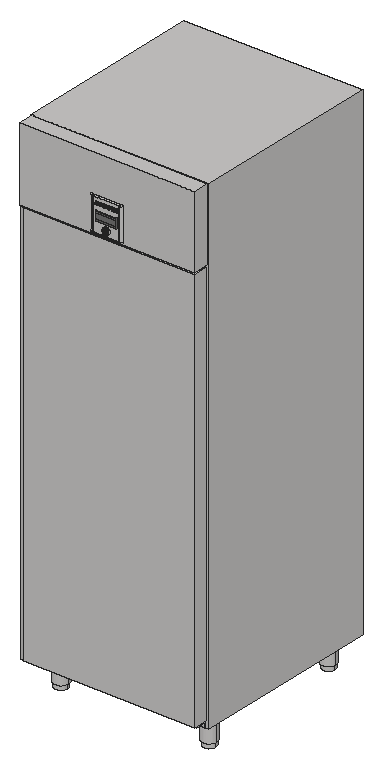
Revit family "QF_ALPENINOX_729639_ARX71FFR", category Specialty Equipment, Revit 2018
Family settings
  Round Connector Dimension = Use Diameter
  Part Type = Normal
  Work Plane-Based = No
  Always vertical = Yes
  Cut with Voids When Loaded = No
  Shared = No
  Room Calculation Point = No
Parameters (values of type "Standard")
  Weight = 102.00 kg
  Watts = 15.7935 W
  Volts = 220 V
  URL Manufacturer = "http://www.alpeninox.com"
  URL = "http://www.alpeninox.com"
  Steam Supply Size = 0 mm
  Steam Supply Minimum Pressure = 0.0 Pa
  Steam Supply Maximum Pressure = 0.0 Pa
  Steam Pounds per Hour = 0
  Refrigeration Suction Line Size = 0.031 mm
  Refrigeration Liquid Line Size = 0.02 mm
  Refrigerant Compressor Remote = yes
  Manufacturer = "Alpeninox"
  Phase = 1
  Model = "ARX71FFR"
  Length Actual = 710 mm  # constant formula
  Item Number = "729639"
  Hot Water Size = 0 mm
  Height Actual = 2050 mm  # constant formula
  HP = "0.2 HP"
  Gas Size = 0 mm
  Gas KW = 0
  Gas Input Pressure = 0 W
  Description = "1-DOOR FREEZER 670L -22-15°C, DIGITAL, A304 - REMOTE"
  Depth Actual = 835 mm  # constant formula
  Cycle = 50 Hz
  Condensate Return Size = 0 mm
  Compressed Air Volume = 0.0 L/s
  Compressed Air Size = 0 mm
  Compressed Air Pressure = 0.0 Pa
  Cold Water Size = 0 mm
  Accessory = yes
Reference planes
  plane 1 "Center (Front/Back)": y = 0
  plane 2: z = 0
  plane 3 "Center (Left/Right)": x = 0
  plane 4 "BASE": z = 110
  plane 5 "TOP": z = 2050
  plane 6 "FRONT": y = -417.5
  plane 7 "BACK": y = 417.5
  plane 8 "LEFT": x = -355
  plane 9 "RIGHT": x = 355
Forms (mm)
  Extrusion 1, solid, material "QF_Finishes_Stainless Steel"
    sketch origin (0, 0, 0) x (1, 0, 0) y (0, 1, 0)
      loop
        circle (-278, 344.5) r 25
      loop
        circle (278, 344.5) r 25
      loop
        circle (-295, -269.5) r 25
      loop
        circle (295, -269.5) r 25
    from 0 to 20
  Extrusion 2, solid, material "QF_Finishes_Stainless Steel"
    sketch origin (0, 0, 0) x (1, 0, 0) y (0, 1, 0)
      loop
        circle (-278, 344.5) r 30
      loop
        circle (278, 344.5) r 30
      loop
        circle (295, -269.5) r 30
      loop
        circle (-295, -269.5) r 30
    from 20 to 110
  Extrusion 3, solid, material "QF_Finishes_Stainless Steel"
    sketch origin (0, 0, 110) x (-1, 0, 0) y (0, -1, 0)
      loop
        line (355, -417.5) -> (355, 345.5) -> (-355, 345.5) -> (-355, -417.5) -> (355, -417.5)
    from 0 to 1940
  Extrusion 4, solid
    sketch origin (0, 417.5, 1660) x (-1, 0, 0) y (0, 0, 1)
      loop
        circle (339, 124) r 10
    from 0 to 3.2
  Extrusion 5, solid, material "QF_Door-Drawer Clearances", detail levels coarse
    sketch origin (0, 0, 110) x (-1, 0, 0) y (0, -1, 0)
      loop
        line (-347, 409.5) -> (-283, 409.5) -> (-283, 1006.5) -> (-301, 1006.5) -> (-301, 1024.5) -> (-323, 1024.5) -> (-323, 1062.5) -> (-347, 1062.5) -> (-347, 409.5)
    from 1642.965 to 28
  Extrusion 6, solid, material "QF_Door-Drawer Clearances", detail levels coarse
    sketch origin (0, 0, 110) x (-1, 0, 0) y (0, -1, 0)
      loop
        line (-283, 409.5) -> (347, 409.5)
        arc (347, 409.5) -> (150.684, 878.295) -> (-323, 1062.5) r 650
        line (-323, 1062.5) -> (-323, 1024.5) -> (-301, 1024.5) -> (-301, 1006.5) -> (-283, 1006.5) -> (-283, 409.5)
    from 1642.965 to 28
  Extrusion 7, solid, material "QF_Clearances", detail levels coarse
    sketch origin (0, 0, 110) x (-1, 0, 0) y (0, -1, 0)
      loop
        line (355, 417.5) -> (355, -417.5) -> (-355, -417.5) -> (-355, 417.5) -> (-385, 417.5) -> (-385, -447.5) -> (385, -447.5) -> (385, 417.5) -> (355, 417.5)
    from -110 to 1940
  Extrusion 8, solid, material "QF_Clearances", detail levels coarse
    sketch origin (0, 0, 2050) x (-1, 0, 0) y (0, -1, 0)
      loop
        line (385, -447.5) -> (385, 417.5) -> (-385, 417.5) -> (-385, -447.5) -> (385, -447.5)
    from 0 to 500
  Extrusion 9, void
    sketch origin (0, 417.5, 0) x (-1, 0, 0) y (0, 0, 1)
      loop
        line (289.366, 1724.965) -> (-280, 1724.965) -> (-280, 180) -> (0, 170) -> (289.366, 180) -> (289.366, 1724.965)
    from -56 to -763
  Extrusion 10, solid, material "QF_Finishes_Stainless Steel"
    sketch origin (0, 0, 2050) x (-1, 0, 0) y (0, -1, 0)
      loop
        circle (245, 89.5) r 4.75
    from -33.544 to -89.131
  Extrusion 11, solid, material "QF_Finishes_Stainless Steel"
    sketch origin (539, -376, 0) x (0, -1, 0) y (0, 0, 1)
      loop
        circle (-187.5, 1960.869) r 3
    from 745 to 686.028
Cuts and joins
  joined: Extrusion 7, Extrusion 8
  Extrusion 9 cuts Extrusion 3
Lines and regions (mm)
  symbolic lines, style "SpecialityEquipmentHiddenLines"
    curve 1: line (347, -409.5, 110) -> (347, -1062.5, 110)
    curve 2: line (347, -1062.5, 110) -> (323, -1062.5, 110)
    curve 3: line (283, -409.5, 110) -> (283, -1006.5, 110)
    curve 4: line (323, -1062.5, 110) -> (323, -1024.5, 110)
    curve 5: line (323, -1024.5, 110) -> (301, -1024.5, 110)
    curve 6: line (301, -1024.5, 110) -> (301, -1006.5, 110)
    curve 7: line (301, -1006.5, 110) -> (283, -1006.5, 110)
    curve 8: arc (-347, -409.5, 110) -> (-150.684, -878.295, 110) -> (323, -1062.5, 110) r 650
  symbolic lines, style "QF_Clearances", detail levels coarse
    curve 9: line (-206, -417.5, 2050) -> (-385, -417.5, 2050)
    curve 10: line (-385, -417.5, 2050) -> (-385, 447.5, 2050)
    curve 11: line (-385, 447.5, 2050) -> (385, 447.5, 2050)
    curve 12: line (385, 447.5, 2050) -> (385, -417.5, 2050)
    curve 13: line (385, -417.5, 2050) -> (355, -417.5, 2050)
Dimensions and locks
  equal spacing: plane 7 "BACK", plane 1 "Center (Front/Back)", plane 6 "FRONT"
  equal spacing: plane 8 "LEFT", plane 3 "Center (Left/Right)", plane 9 "RIGHT"
  plane 8 "LEFT" to plane 9 "RIGHT" = 710 mm
  plane 7 "BACK" to plane 6 "FRONT" = 835 mm
  plane 5 "TOP" to plane 2 = 2050 mm
  aligned and locked: level to plane 2
Automatic sketch dimensions
  Extrusion 3 sketch curve to plane 7 "BACK" = 0 mm
  Extrusion 3 sketch curve to plane 9 "RIGHT" = 0 mm
  Extrusion 3 sketch curve to plane 8 "LEFT" = 0 mm
  plane 8 "LEFT" to Extrusion 4 sketch curve = 16 mm
  plane 4 "BASE" to Extrusion 4 sketch curve = 1674 mm
  plane 9 "RIGHT" to curve 1 = 8 mm
  curve 1 to curve 2 = 24 mm
  plane 6 "FRONT" to curve 8 = 4.692 mm
  curve 7 to plane 6 "FRONT" = 589 mm
  curve 6 to curve 5 = 18 mm
  curve 4 to curve 2 = 38 mm
  plane 6 "FRONT" to curve 8 = 8 mm
  plane 6 "FRONT" to curve 1 = 8 mm
  plane 6 "FRONT" to curve 3 = 8 mm
  plane 9 "RIGHT" to Extrusion 5 sketch curve = 8 mm
  Extrusion 5 sketch curve to plane 6 "FRONT" = 589 mm
  Extrusion 5 sketch curve to Extrusion 5 sketch curve = 18 mm
  Extrusion 5 sketch curve to Extrusion 5 sketch curve = 38 mm
  plane 6 "FRONT" to Extrusion 5 sketch curve = 8 mm
  plane 6 "FRONT" to Extrusion 6 sketch curve = 4.692 mm
  Extrusion 6 sketch curve to Extrusion 6 sketch curve = 18 mm  (x2)
  Extrusion 6 sketch curve to Extrusion 6 sketch curve = 38 mm
  plane 8 "LEFT" to Extrusion 6 sketch curve = 8 mm
  plane 6 "FRONT" to Extrusion 6 sketch curve = 8 mm
  Extrusion 7 sketch curve to plane 6 "FRONT" = 0 mm  (x2)
  Extrusion 7 sketch curve to plane 7 "BACK" = 0 mm
  Extrusion 7 sketch curve to plane 9 "RIGHT" = 0 mm
  Extrusion 7 sketch curve to plane 8 "LEFT" = 0 mm
  Extrusion 7 sketch curve to plane 9 "RIGHT" = 30 mm
  Extrusion 7 sketch curve to plane 8 "LEFT" = 30 mm
  plane 7 "BACK" to Extrusion 7 sketch curve = 30 mm
  Extrusion 8 sketch curve to plane 6 "FRONT" = 0 mm
  Extrusion 8 sketch curve to plane 9 "RIGHT" = 30 mm
  Extrusion 8 sketch curve to plane 8 "LEFT" = 30 mm
  plane 7 "BACK" to Extrusion 8 sketch curve = 30 mm
  plane 8 "LEFT" to Extrusion 1 sketch curve = 60 mm
  plane 8 "LEFT" to Extrusion 1 sketch curve = 77 mm
  plane 9 "RIGHT" to Extrusion 1 sketch curve = 77 mm
  plane 9 "RIGHT" to Extrusion 1 sketch curve = 60 mm
  plane 6 "FRONT" to Extrusion 1 sketch curve = 148 mm  (x2)
  Extrusion 1 sketch curve to plane 7 "BACK" = 73 mm  (x2)
  plane 8 "LEFT" to Extrusion 2 sketch curve = 60 mm
  plane 8 "LEFT" to Extrusion 2 sketch curve = 77 mm
  plane 9 "RIGHT" to Extrusion 2 sketch curve = 77 mm
  plane 9 "RIGHT" to Extrusion 2 sketch curve = 60 mm
  plane 6 "FRONT" to Extrusion 2 sketch curve = 148 mm  (x2)
  Extrusion 2 sketch curve to plane 7 "BACK" = 73 mm  (x2)
  plane 6 "FRONT" to Extrusion 3 sketch curve = 72 mm
  curve 1 to curve 8 = 44.008 mm
  curve 4 to curve 5 = 22 mm
  curve 6 to curve 3 = 18 mm
  plane 9 "RIGHT" to Extrusion 5 sketch curve = 32 mm
  Extrusion 5 sketch curve to Extrusion 5 sketch curve = 22 mm
  Extrusion 5 sketch curve to Extrusion 5 sketch curve = 64 mm
  plane 9 "RIGHT" to Extrusion 6 sketch curve = 72 mm
  Extrusion 6 sketch curve to Extrusion 6 sketch curve = 19.992 mm
  Extrusion 6 sketch curve to Extrusion 6 sketch curve = 22 mm
  Extrusion 9 sketch curve to plane 3 "Center (Left/Right)" = 0 mm
  plane 8 "LEFT" to Extrusion 9 sketch curve = 65.634 mm
  plane 4 "BASE" to Extrusion 9 sketch curve = 60 mm
  Extrusion 9 sketch curve to plane 5 "TOP" = 325.035 mm
  plane 9 "RIGHT" to Extrusion 9 sketch curve = 75 mm
  plane 4 "BASE" to Extrusion 9 sketch curve = 70 mm  (x2)
  plane 8 "LEFT" to Extrusion 10 sketch curve = 110 mm
  plane 1 "Center (Front/Back)" to Extrusion 10 sketch curve = 89.5 mm
  Extrusion 11 sketch curve to plane 5 "TOP" = 89.131 mm
  plane 1 "Center (Front/Back)" to Extrusion 11 sketch curve = 188.5 mm
  curve 12 to plane 6 "FRONT" = 0 mm
  curve 13 to plane 9 "RIGHT" = 0 mm
  curve 9 to plane 6 "FRONT" = 0 mm
  plane 8 "LEFT" to curve 9 = 149 mm
  curve 12 to plane 9 "RIGHT" = 30 mm
  curve 9 to curve 10 = 179 mm
  plane 7 "BACK" to curve 10 = 30 mm
  radius of Extrusion 1 sketch curve = 25 mm  (x4)
  radius of Extrusion 2 sketch curve = 30 mm  (x4)
  radius of Extrusion 4 sketch curve = 10 mm
  radius of Extrusion 10 sketch curve = 4.75 mm
  radius of Extrusion 11 sketch curve = 3 mm
Nested families
  nested 1: "QF_729047_Door" at (0, -345.5, 968.365) x (1, 0, 0) z (0, -1, 0), type "QF_729047_Door"
    with Show Clearance yes
  nested 2: "Freezer" at (355, -417.5, 2050), type "Freezer"
Connectors
  electrical at (-339, 420.7, 1784), driven by "Volts"
    settings: on Extrusion 4, index 2, voltage 220 V, apparent load 0 VA, apparent load phase1 0 VA, apparent load phase2 0 VA, apparent load phase3 0 VA, power factor 1, load classification "Other", number of poles 1, system type 30, power factor state 1, is connector primary yes, connector utility no, sub classification motor no, connector description "Electrical Connection"
  piping at (-245, -89.5, 2016.456), diameter 9.5
    settings: on Extrusion 10, index 4, connector inside diameter 609.6 mm, connector length 0 mm, flow factor 0, pipe flow 0.0 L/s, pressure drop 0.0 Pa, fitting loss kfactor 0, connector angle 0.00°, fixture units 0, engagement length 0 mm, angle of deflection 0.00°, flow configuration 1, flow direction 2, fitting loss method 0, system type 8, joint type 0, gender type 0, connector reference index -1, connector utility 0, adjustable connector no, is connector primary yes, connector description "Refrigerant Outlet"
  piping at (-206, -188.5, 1960.869), diameter 6
    settings: on Extrusion 11, index 5, connector inside diameter 609.6 mm, connector length 0 mm, flow factor 0, pipe flow 0.0 L/s, pressure drop 0.0 Pa, fitting loss kfactor 0, connector angle 0.00°, fixture units 0, engagement length 0 mm, angle of deflection 0.00°, flow configuration 1, flow direction 1, fitting loss method 0, system type 7, joint type 0, gender type 0, connector reference index -1, connector utility 0, adjustable connector no, is connector primary no, connector description "Refrigerant Inlet"
Definition of nested family "QF_729047_Door"
  Parameters
    Show Clearance [instance] = yes
    Model = "729043"
    Default Elevation = 0 mm
  Reference planes
    plane 1 "Center (Front/Back)": y = 0
    plane 2: z = 0
    plane 3 "Center (Left/Right)": x = 0
  Forms (mm)
    Extrusion 1, solid
      sketch origin (0, -919.2, 0) x (1, 0, 0) y (0, 1, 0)
        loop
          line (-460, 2119.2) -> (-460, -162.846) -> (488.967, -162.846) -> (488.967, 2119.2) -> (-460, 2119.2)
      from 0 to -59.546
    Extrusion 2, solid
      sketch origin (0, 0, 0) x (1, 0, 0) y (0, 0, 1)
        loop
          line (-347, 64) -> (-347, 0) -> (347, 0) -> (347, 64) -> (-347, 64)
      from -1081.6 to -791.6
    Extrusion 3, solid
      sketch origin (0, 0, 0) x (1, 0, 0) y (0, 0, 1)
        loop
          line (-347, 60) -> (-347, 26) -> (-325, 26) -> (-325, 8) -> (-307, 8) -> (-307, 0) -> (339, 0) -> (339, 8) -> (347, 8) -> (347, 64) -> (-332, 64) -> (-347, 60)
      from -784.6 to 830.4
    Extrusion 4, solid
      sketch origin (119, -516.365, 0) x (0, 1, 0) y (0, 0, 1)
        loop
          line (-323.003, 40.312) -> (-316.501, 40.312) -> (-316.501, 42.812) -> (-325.503, 42.812) -> (-325.503, 2.5) -> (-342, 2.5) -> (-342, 0) -> (-323.003, 0) -> (-323.003, 12.259) -> (-323.003, 40.312)
        loop
          line (-314, 38.311) -> (-316.501, 38.311) -> (-316.501, 14.304) -> (-319.752, 14.304) -> (-319.752, 11.804) -> (-314, 11.804) -> (-314, 38.311)
      from 185 to 220
    Extrusion 5, solid
      sketch origin (119, 469.597, 0) x (0, 1, 0) y (0, 0, 1)
        loop
          line (315.003, 27.948) -> (315.003, 2.948) -> (315.003, 0) -> (322.003, 0) -> (322.003, 2.5) -> (317.503, 2.5) -> (317.503, 27.948) -> (315.003, 27.948)
      from 185 to 220
  Lines and regions (mm)
    symbolic lines
      curve 1: line (-347, 0, 64) -> (347, 0, 64)
      curve 2: line (-347, 0, 0) -> (-347, 0, 64)
      curve 3: line (347, 0, 0) -> (-347, 0, 0)
      curve 4: line (347, 0, 64) -> (347, 0, 0)
      curve 5: line (-347, 0, 26) -> (-325, 0, 26)
      curve 6: line (-325, 0, 26) -> (-325, 0, 8)
      curve 7: line (-325, 0, 8) -> (-307, 0, 8)
      curve 8: line (-307, 0, 8) -> (-307, 0, 0)
      curve 9: line (339, 0, 8) -> (347, 0, 8)
      curve 10: line (339, 0, 8) -> (339, 0, 0)
  Dimensions and locks
    aligned and locked: plane 2 to Extrusion 1
    aligned and locked: level to Extrusion 1
  Nested families
    nested 1: "QF_DisplayStandardCabinets" at (0, 863.6, 64), type "QF_DisplayStandardCabinets"
      with Show Clearance yes
  Definition of nested family "QF_DisplayStandardCabinets"
    Parameters
      Show Clearance [instance] = yes
      Model = ""
      Default Elevation = 0 mm
    Reference planes
      plane 1 "Center (Front/Back)": y = 0
      plane 2: z = 0
      plane 3 "Center (Left/Right)": x = 0
    Forms (mm)
      Extrusion 1, solid
        sketch origin (0, -919.2, 0) x (1, 0, 0) y (0, 1, 0)
          loop
            line (-198.75, 1146.2) -> (-198.75, 709.567) -> (165.741, 709.567) -> (165.741, 1146.2) -> (-198.75, 1146.2)
        from 0 to -59.546
      Extrusion 2, solid
        sketch origin (-59, -44.611, 0) x (0, 1, 0) y (-1, 0, 0)
          loop
            circle (0.611, -59) r 14
        from 5 to 7
      Extrusion 3, solid
        sketch origin (744.635, 320.889, 0) x (0, 1, 0) y (-1, 0, 0)
          loop
            circle (-364.889, 744.635) r 10
          loop
            circle (-364.889, 744.635) r 9
        from 5 to 8
      Extrusion 4, solid
        sketch origin (744.635, 320.889, 0) x (0, 1, 0) y (-1, 0, 0)
          loop
            circle (-364.889, 744.635) r 8.7
        from 5 to 8
      Extrusion 5, void
        sketch origin (744.635, 320.889, 0) x (0, 1, 0) y (-1, 0, 0)
          loop
            line (-372.339, 745.885) -> (-372.339, 743.385) -> (-362.339, 743.385) -> (-362.339, 745.885) -> (-372.339, 745.885)
        from 8.592 to 6.269
      Extrusion 6, solid
        sketch origin (365.5, -639.265, 0) x (1, 0, 0) y (0, 1, 0)
          loop
            line (-406.708, 687.579) -> (-410.067, 678.56)
            arc (-410.067, 678.56) -> (-409.36, 676.922) -> (-407.754, 677.698) r 1.236
            line (-407.754, 677.698) -> (-407.242, 679.273) -> (-402.595, 679.273) -> (-402.091, 677.715)
            arc (-402.091, 677.715) -> (-400.528, 676.963) -> (-399.851, 678.56) r 1.198
            line (-399.851, 678.56) -> (-403.129, 687.579)
            arc (-403.129, 687.579) -> (-404.919, 688.953) -> (-406.708, 687.579) r 1.853
          loop
            line (-404.916, 686.416) -> (-406.523, 681.56) -> (-403.345, 681.56) -> (-404.916, 686.416)
          loop
            arc (-398.643, 678.312) -> (-398.245, 677.351) -> (-397.284, 676.953) r 1.359
            line (-397.284, 676.953) -> (-393.161, 676.953)
            arc (-393.161, 676.953) -> (-392.018, 678.096) -> (-393.161, 679.239) r 1.143
            line (-393.161, 679.239) -> (-396.136, 679.239) -> (-396.136, 687.561)
            arc (-396.136, 687.561) -> (-397.39, 688.814) -> (-398.643, 687.561) r 1.253
            line (-398.643, 687.561) -> (-398.643, 678.312)
          loop
            line (-390.884, 687.462) -> (-390.884, 678.147)
            arc (-390.884, 678.147) -> (-389.631, 676.894) -> (-388.378, 678.147) r 1.253
            line (-388.378, 678.147) -> (-388.378, 680.865) -> (-386.522, 680.865)
            arc (-386.522, 680.865) -> (-383.621, 681.743) -> (-382.37, 684.503) r 3.67
            arc (-382.37, 684.503) -> (-383.616, 687.51) -> (-386.622, 688.755) r 4.252
            line (-386.622, 688.755) -> (-389.59, 688.755)
            arc (-389.59, 688.755) -> (-390.505, 688.376) -> (-390.884, 687.462) r 1.293
          loop
            line (-388.378, 683.051) -> (-386.668, 683.051)
            arc (-386.668, 683.051) -> (-384.911, 684.809) -> (-386.668, 686.566) r 1.757
            line (-386.668, 686.566) -> (-388.378, 686.566) -> (-388.378, 683.051)
          loop
            arc (-372.997, 683.967) -> (-373.735, 685.647) -> (-375.32, 686.572) r 2.967
            arc (-375.32, 686.572) -> (-377.645, 686.062) -> (-378.776, 683.967) r 2.856
            line (-378.776, 683.967) -> (-372.997, 683.967)
          loop
            line (-378.711, 681.639) -> (-372.422, 681.639)
            arc (-372.422, 681.639) -> (-371.296, 681.795) -> (-370.405, 682.5) r 2.158
            arc (-370.405, 682.5) -> (-370.274, 683.259) -> (-370.325, 684.028) r 3.268
            arc (-370.325, 684.028) -> (-372.26, 687.411) -> (-375.88, 688.856) r 5.916
            arc (-375.88, 688.856) -> (-379.952, 687.001) -> (-381.519, 682.809) r 5.846
            arc (-381.519, 682.809) -> (-380.273, 678.983) -> (-376.79, 676.969) r 5.622
            arc (-376.79, 676.969) -> (-374.56, 676.949) -> (-372.422, 677.583) r 7.518
            arc (-372.422, 677.583) -> (-371.453, 678.077) -> (-370.711, 678.873) r 3.135
            arc (-370.711, 678.873) -> (-370.511, 679.705) -> (-370.879, 680.478) r 1.282
            arc (-370.879, 680.478) -> (-371.364, 680.757) -> (-371.924, 680.758) r 1.082
            arc (-371.924, 680.758) -> (-372.298, 680.603) -> (-372.619, 680.356) r 1.55
            arc (-372.619, 680.356) -> (-373.431, 679.807) -> (-374.312, 679.379) r 6.834
            arc (-374.312, 679.379) -> (-377.036, 679.488) -> (-378.711, 681.639) r 3.237
          loop
            line (-368.938, 687.561) -> (-368.938, 678.147)
            arc (-368.938, 678.147) -> (-367.683, 676.892) -> (-366.428, 678.147) r 1.255
            line (-366.428, 678.147) -> (-366.428, 684.375) -> (-361.094, 677.401)
            arc (-361.094, 677.401) -> (-359.669, 676.934) -> (-358.786, 678.147) r 1.275
            line (-358.786, 678.147) -> (-358.786, 687.561)
            arc (-358.786, 687.561) -> (-360.041, 688.815) -> (-361.295, 687.561) r 1.254
            line (-361.295, 687.561) -> (-361.295, 681.251) -> (-366.628, 688.306)
            arc (-366.628, 688.306) -> (-368.054, 688.774) -> (-368.938, 687.561) r 1.275
          loop
            arc (-357.218, 678.147) -> (-355.965, 676.893) -> (-354.711, 678.147) r 1.254
            line (-354.711, 678.147) -> (-354.711, 687.561)
            arc (-354.711, 687.561) -> (-355.965, 688.815) -> (-357.218, 687.561) r 1.254
            line (-357.218, 687.561) -> (-357.218, 678.147)
          loop
            line (-353.142, 687.561) -> (-353.142, 678.147)
            arc (-353.142, 678.147) -> (-351.887, 676.892) -> (-350.632, 678.147) r 1.255
            line (-350.632, 678.147) -> (-350.632, 684.375) -> (-345.298, 677.401)
            arc (-345.298, 677.401) -> (-343.873, 676.934) -> (-342.99, 678.147) r 1.275
            line (-342.99, 678.147) -> (-342.99, 687.561)
            arc (-342.99, 687.561) -> (-344.245, 688.815) -> (-345.499, 687.561) r 1.254
            line (-345.499, 687.561) -> (-345.499, 681.251) -> (-350.832, 688.306)
            arc (-350.832, 688.306) -> (-352.258, 688.774) -> (-353.142, 687.561) r 1.275
          loop
            arc (-341.671, 682.854) -> (-341.019, 679.961) -> (-339.083, 677.715) r 6.12
            arc (-339.083, 677.715) -> (-337.577, 676.985) -> (-335.919, 676.754) r 5.355
            arc (-335.919, 676.754) -> (-334.262, 676.985) -> (-332.756, 677.715) r 5.355
            arc (-332.756, 677.715) -> (-330.82, 679.961) -> (-330.168, 682.854) r 6.12
            arc (-330.168, 682.854) -> (-330.82, 685.746) -> (-332.756, 687.992) r 6.12
            arc (-332.756, 687.992) -> (-334.262, 688.723) -> (-335.919, 688.953) r 5.355
            arc (-335.919, 688.953) -> (-337.577, 688.723) -> (-339.083, 687.992) r 5.355
            arc (-339.083, 687.992) -> (-341.019, 685.746) -> (-341.671, 682.854) r 6.12
          loop
            arc (-339.045, 682.854) -> (-338.787, 681.162) -> (-337.837, 679.739) r 3.945
            arc (-337.837, 679.739) -> (-336.943, 679.217) -> (-335.919, 679.066) r 2.729
            arc (-335.919, 679.066) -> (-334.895, 679.217) -> (-334.001, 679.739) r 2.729
            arc (-334.001, 679.739) -> (-333.051, 681.162) -> (-332.793, 682.854) r 3.945
            arc (-332.793, 682.854) -> (-333.051, 684.545) -> (-334.001, 685.969) r 3.945
            arc (-334.001, 685.969) -> (-334.895, 686.49) -> (-335.919, 686.641) r 2.729
            arc (-335.919, 686.641) -> (-336.943, 686.49) -> (-337.837, 685.969) r 2.729
            arc (-337.837, 685.969) -> (-338.787, 684.545) -> (-339.045, 682.854) r 3.945
          loop
            line (-329.53, 686.914) -> (-326.821, 683.266) -> (-330.133, 678.86)
            arc (-330.133, 678.86) -> (-329.866, 677.098) -> (-328.109, 677.401) r 1.248
            line (-328.109, 677.401) -> (-325.368, 681.18) -> (-322.626, 677.401)
            arc (-322.626, 677.401) -> (-320.87, 677.098) -> (-320.602, 678.86) r 1.248
            line (-320.602, 678.86) -> (-323.915, 683.266) -> (-321.205, 686.914)
            arc (-321.205, 686.914) -> (-321.536, 688.702) -> (-323.295, 688.241) r 1.241
            line (-323.295, 688.241) -> (-325.368, 685.324) -> (-327.441, 688.241)
            arc (-327.441, 688.241) -> (-329.199, 688.702) -> (-329.53, 686.914) r 1.241
        from 2.5 to 4.32
      Extrusion 7, void
        sketch origin (365.5, -639.265, 0) x (1, 0, 0) y (0, 1, 0)
          loop
            line (-406.708, 687.579) -> (-410.067, 678.56)
            arc (-410.067, 678.56) -> (-409.36, 676.922) -> (-407.754, 677.698) r 1.236
            line (-407.754, 677.698) -> (-407.242, 679.273) -> (-402.595, 679.273) -> (-402.091, 677.715)
            arc (-402.091, 677.715) -> (-400.528, 676.963) -> (-399.851, 678.56) r 1.198
            line (-399.851, 678.56) -> (-403.129, 687.579)
            arc (-403.129, 687.579) -> (-404.919, 688.953) -> (-406.708, 687.579) r 1.853
          loop
            line (-404.916, 686.416) -> (-406.523, 681.56) -> (-403.345, 681.56) -> (-404.916, 686.416)
          loop
            arc (-398.643, 678.312) -> (-398.245, 677.351) -> (-397.284, 676.953) r 1.359
            line (-397.284, 676.953) -> (-393.161, 676.953)
            arc (-393.161, 676.953) -> (-392.018, 678.096) -> (-393.161, 679.239) r 1.143
            line (-393.161, 679.239) -> (-396.136, 679.239) -> (-396.136, 687.561)
            arc (-396.136, 687.561) -> (-397.39, 688.814) -> (-398.643, 687.561) r 1.253
            line (-398.643, 687.561) -> (-398.643, 678.312)
          loop
            line (-390.884, 687.462) -> (-390.884, 678.147)
            arc (-390.884, 678.147) -> (-389.631, 676.894) -> (-388.378, 678.147) r 1.253
            line (-388.378, 678.147) -> (-388.378, 680.865) -> (-386.522, 680.865)
            arc (-386.522, 680.865) -> (-383.621, 681.743) -> (-382.37, 684.503) r 3.67
            arc (-382.37, 684.503) -> (-383.616, 687.51) -> (-386.622, 688.755) r 4.252
            line (-386.622, 688.755) -> (-389.59, 688.755)
            arc (-389.59, 688.755) -> (-390.505, 688.376) -> (-390.884, 687.462) r 1.293
          loop
            line (-388.378, 683.051) -> (-386.668, 683.051)
            arc (-386.668, 683.051) -> (-384.911, 684.809) -> (-386.668, 686.566) r 1.757
            line (-386.668, 686.566) -> (-388.378, 686.566) -> (-388.378, 683.051)
          loop
            arc (-372.997, 683.967) -> (-373.735, 685.647) -> (-375.32, 686.572) r 2.967
            arc (-375.32, 686.572) -> (-377.645, 686.062) -> (-378.776, 683.967) r 2.856
            line (-378.776, 683.967) -> (-372.997, 683.967)
          loop
            line (-378.711, 681.639) -> (-372.422, 681.639)
            arc (-372.422, 681.639) -> (-371.296, 681.795) -> (-370.405, 682.5) r 2.158
            arc (-370.405, 682.5) -> (-370.274, 683.259) -> (-370.325, 684.028) r 3.268
            arc (-370.325, 684.028) -> (-372.26, 687.411) -> (-375.88, 688.856) r 5.916
            arc (-375.88, 688.856) -> (-379.952, 687.001) -> (-381.519, 682.809) r 5.846
            arc (-381.519, 682.809) -> (-380.273, 678.983) -> (-376.79, 676.969) r 5.622
            arc (-376.79, 676.969) -> (-374.56, 676.949) -> (-372.422, 677.583) r 7.518
            arc (-372.422, 677.583) -> (-371.453, 678.077) -> (-370.711, 678.873) r 3.135
            arc (-370.711, 678.873) -> (-370.511, 679.705) -> (-370.879, 680.478) r 1.282
            arc (-370.879, 680.478) -> (-371.364, 680.757) -> (-371.924, 680.758) r 1.082
            arc (-371.924, 680.758) -> (-372.298, 680.603) -> (-372.619, 680.356) r 1.55
            arc (-372.619, 680.356) -> (-373.431, 679.807) -> (-374.312, 679.379) r 6.834
            arc (-374.312, 679.379) -> (-377.036, 679.488) -> (-378.711, 681.639) r 3.237
          loop
            line (-368.938, 687.561) -> (-368.938, 678.147)
            arc (-368.938, 678.147) -> (-367.105, 676.314) -> (-365.272, 678.147) r 1.833
            line (-365.272, 678.147) -> (-365.272, 682.863) -> (-361.094, 677.401)
            arc (-361.094, 677.401) -> (-359.669, 676.934) -> (-358.786, 678.147) r 1.275
            line (-358.786, 678.147) -> (-358.786, 687.561)
            arc (-358.786, 687.561) -> (-360.041, 688.815) -> (-361.295, 687.561) r 1.254
            line (-361.295, 687.561) -> (-361.295, 681.251) -> (-366.628, 688.306)
            arc (-366.628, 688.306) -> (-368.054, 688.774) -> (-368.938, 687.561) r 1.275
          loop
            arc (-357.218, 678.147) -> (-355.965, 676.893) -> (-354.711, 678.147) r 1.254
            line (-354.711, 678.147) -> (-354.711, 687.561)
            arc (-354.711, 687.561) -> (-355.965, 688.815) -> (-357.218, 687.561) r 1.254
            line (-357.218, 687.561) -> (-357.218, 678.147)
          loop
            line (-353.142, 687.561) -> (-353.142, 678.147)
            arc (-353.142, 678.147) -> (-351.887, 676.892) -> (-350.632, 678.147) r 1.255
            line (-350.632, 678.147) -> (-350.632, 684.375) -> (-345.298, 677.401)
            arc (-345.298, 677.401) -> (-343.873, 676.934) -> (-342.99, 678.147) r 1.275
            line (-342.99, 678.147) -> (-342.99, 687.561)
            arc (-342.99, 687.561) -> (-344.245, 688.815) -> (-345.499, 687.561) r 1.254
            line (-345.499, 687.561) -> (-345.499, 681.251) -> (-350.832, 688.306)
            arc (-350.832, 688.306) -> (-352.258, 688.774) -> (-353.142, 687.561) r 1.275
          loop
            arc (-341.671, 682.854) -> (-341.019, 679.961) -> (-339.083, 677.715) r 6.12
            arc (-339.083, 677.715) -> (-337.577, 676.985) -> (-335.919, 676.754) r 5.355
            arc (-335.919, 676.754) -> (-334.262, 676.985) -> (-332.756, 677.715) r 5.355
            arc (-332.756, 677.715) -> (-330.82, 679.961) -> (-330.168, 682.854) r 6.12
            arc (-330.168, 682.854) -> (-330.82, 685.746) -> (-332.756, 687.992) r 6.12
            arc (-332.756, 687.992) -> (-334.262, 688.723) -> (-335.919, 688.953) r 5.355
            arc (-335.919, 688.953) -> (-337.577, 688.723) -> (-339.083, 687.992) r 5.355
            arc (-339.083, 687.992) -> (-341.019, 685.746) -> (-341.671, 682.854) r 6.12
          loop
            arc (-339.045, 682.854) -> (-338.787, 681.162) -> (-337.837, 679.739) r 3.945
            arc (-337.837, 679.739) -> (-336.943, 679.217) -> (-335.919, 679.066) r 2.729
            arc (-335.919, 679.066) -> (-334.895, 679.217) -> (-334.001, 679.739) r 2.729
            arc (-334.001, 679.739) -> (-333.051, 681.162) -> (-332.793, 682.854) r 3.945
            arc (-332.793, 682.854) -> (-333.051, 684.545) -> (-334.001, 685.969) r 3.945
            arc (-334.001, 685.969) -> (-334.895, 686.49) -> (-335.919, 686.641) r 2.729
            arc (-335.919, 686.641) -> (-336.943, 686.49) -> (-337.837, 685.969) r 2.729
            arc (-337.837, 685.969) -> (-338.787, 684.545) -> (-339.045, 682.854) r 3.945
          loop
            line (-329.53, 686.914) -> (-326.821, 683.266) -> (-330.133, 678.86)
            arc (-330.133, 678.86) -> (-329.866, 677.098) -> (-328.109, 677.401) r 1.248
            line (-328.109, 677.401) -> (-325.368, 681.18) -> (-322.626, 677.401)
            arc (-322.626, 677.401) -> (-320.87, 677.098) -> (-320.602, 678.86) r 1.248
            line (-320.602, 678.86) -> (-323.915, 683.266) -> (-321.205, 686.914)
            arc (-321.205, 686.914) -> (-321.536, 688.702) -> (-323.295, 688.241) r 1.241
            line (-323.295, 688.241) -> (-325.368, 685.324) -> (-327.441, 688.241)
            arc (-327.441, 688.241) -> (-329.199, 688.702) -> (-329.53, 686.914) r 1.241
        from 4 to 2.2
      Blend 8, solid
        base sketch origin (365.719, -803.635, 0) x (1, 0, 0) y (0, 1, 0)
          loop
            arc (-424.229, 873.635) -> (-428.653, 871.803) -> (-430.485, 867.38) r 6.255
            line (-430.485, 867.38) -> (-430.485, 739.89)
            arc (-430.485, 739.89) -> (-428.653, 735.467) -> (-424.229, 733.635) r 6.255
            line (-424.229, 733.635) -> (-307.728, 733.635)
            arc (-307.728, 733.635) -> (-303.305, 735.467) -> (-301.473, 739.89) r 6.255
            line (-301.473, 739.89) -> (-301.473, 867.38)
            arc (-301.473, 867.38) -> (-303.305, 871.803) -> (-307.728, 873.635) r 6.255
            line (-307.728, 873.635) -> (-424.229, 873.635)
        top sketch origin (365.719, -803.635, 0) x (1, 0, 0) y (0, 1, 0)
          loop
            line (-418.756, 738.326) -> (-313.201, 738.326) -> (-313.201, 868.943) -> (-418.756, 868.943) -> (-418.756, 738.326)
        from 0 to 4
      Extrusion 9, solid
        sketch origin (744.635, 320.889, 0) x (0, 1, 0) y (-1, 0, 0)
          loop
            line (-372.339, 745.885) -> (-372.339, 743.385) -> (-362.339, 743.385) -> (-362.339, 745.885) -> (-372.339, 745.885)
        from 6 to 8
      Extrusion 10, void
        sketch origin (0, 0, 0) x (1, 0, 0) y (0, 1, 0)
          loop
            line (-53.037, 65.309) -> (-53.037, -65.309) -> (52.518, -65.309) -> (52.518, 65.309) -> (-53.037, 65.309)
        from 5 to 2
      Extrusion 11, solid
        sketch origin (0, 0, 0) x (1, 0, 0) y (0, 1, 0)
          loop
            line (-51.473, 63.745) -> (-51.473, -63.745) -> (50.954, -63.745) -> (50.954, 63.745) -> (-51.473, 63.745)
        from 2.2 to 4
      Extrusion 12, solid
        sketch origin (0, -30, 0) x (0, 1, 0) y (0, 0, 1)
          loop
            line (10.404, 4) -> (17.404, 4) -> (17.404, 8)
            arc (17.404, 8) -> (13.868, 7.749) -> (10.404, 7) r 25
            line (10.404, 7) -> (10.404, 4)
          loop
            arc (47.404, 7) -> (43.939, 7.749) -> (40.404, 8) r 25
            line (40.404, 8) -> (40.404, 4) -> (47.404, 4) -> (47.404, 7)
        from 40 to -40
      Extrusion 13, solid
        sketch origin (0, -30, 0) x (1, 0, 0) y (0, 1, 0)
          loop
            line (-40, 40.404) -> (-40, 17.404) -> (40, 17.404) -> (40, 40.404) -> (-40, 40.404)
        from 8 to 4
    Cuts and joins
      Extrusion 5 cuts Extrusion 4
      Extrusion 7 cuts Extrusion 6
      Extrusion 10 cuts Blend 8
      joined: Extrusion 12, Extrusion 13
    Lines and regions (mm)
      Split face 1
        outline origin (-41, 10.404, 8) x (-1, 0, 0) y (0, -1, 0)
          loop
            line (-72.157, 0.05) -> (-72.157, 10.5) -> (-78.157, 10.5) -> (-78.157, 0.05) -> (-72.157, 0.05)
      Split face 2
        outline origin (-50, 10.404, 8) x (-1, 0, 0) y (0, -1, 0)
          loop
            line (-72.157, 0.05) -> (-72.157, 10.5) -> (-78.157, 10.5) -> (-78.157, 0.05) -> (-72.157, 0.05)
      Split face 3
        outline origin (-50, 10.404, 8) x (-1, 0, 0) y (0, -1, 0)
          loop
            line (-72.157, 12.45) -> (-72.157, 22.9) -> (-78.157, 22.9) -> (-78.157, 12.45) -> (-72.157, 12.45)
      Split face 4
        outline origin (-50, 10.404, 8) x (-1, 0, 0) y (0, -1, 0)
          loop
            line (-81.157, 12.45) -> (-81.157, 22.9) -> (-87.157, 22.9) -> (-87.157, 12.45) -> (-81.157, 12.45)
      Split face 5
        outline origin (-50, 10.404, 8) x (-1, 0, 0) y (0, -1, 0)
          loop
            line (-13, 0.1) -> (-13, 22.9) -> (-69, 22.9) -> (-69, 0.1) -> (-13, 0.1)
      symbolic lines
        curve 1: line (52.518, 0, 4) -> (-53.037, 0, 4)
        curve 2: line (40, 0, 4) -> (40, 0, 8)
        curve 3: line (40, 0, 8) -> (-40, 0, 8)
        curve 4: line (-40, 0, 8) -> (-40, 0, 4)
        curve 5: line (-64.765, 0, 0) -> (-53.037, 0, 4)
        curve 6: line (52.518, 0, 4) -> (64.135, 0, 0)
    Dimensions and locks
      aligned and locked: plane 2 to Extrusion 1
      aligned and locked: level to Extrusion 1
Definition of nested family "Freezer"
  Reference planes
    plane 1 "Center (Front/Back)": y = 0
    plane 2: z = 0
    plane 3 "Center (Left/Right)": x = 0
  Lines and regions (mm)
    detail lines, in view "Ref. Level"
      curve 1: spline (-500, 190, 0) -> (-493.185, 166.706, 0) -> (-473.205, 145, 0) -> (-441.421, 126.36, 0) -> (-400, 112.058, 0) -> (-351.764, 103.067, 0) -> (-300, 100, 0) -> (-248.236, 103.067, 0) -> (-200, 112.058, 0) -> (-158.579, 126.36, 0) -> (-126.795, 145, 0) -> (-106.815, 166.706, 0) -> (-100, 190, 0) -> (-106.815, 213.294, 0) -> (-126.795, 235, 0) -> (-158.579, 253.64, 0) -> (-200, 267.942, 0) -> (-248.236, 276.933, 0) -> (-300, 280, 0) -> (-351.764, 276.933, 0) -> (-400, 267.942, 0) -> (-441.421, 253.64, 0) -> (-473.205, 235, 0) -> (-493.185, 213.294, 0) -> (-500, 190, 0)
      curve 2: line (-220, 130, 0) -> (-220, 250, 0)
      curve 3: line (-271.962, 220, 0) -> (-168.038, 160, 0)
      curve 4: line (-271.962, 160, 0) -> (-168.038, 220, 0)
      curve 5: line (-200.884, 246.873, 0) -> (-220, 225, 0)
      curve 6: line (-220, 225, 0) -> (-239.116, 246.873, 0)
      curve 7: line (-250.311, 207.5, 0) -> (-260, 235.883, 0)
      curve 8: line (-279.736, 201.7, 0) -> (-250.311, 207.5, 0)
      curve 9: line (-250.311, 172.5, 0) -> (-279.736, 178.3, 0)
      curve 10: line (-260, 144.117, 0) -> (-250.311, 172.5, 0)
      curve 11: line (-220, 155, 0) -> (-239.116, 133.127, 0)
      curve 12: line (-200.884, 133.127, 0) -> (-220, 155, 0)
      curve 13: line (-189.689, 172.5, 0) -> (-180.304, 145.008, 0)
      curve 14: line (-161.188, 178.118, 0) -> (-189.689, 172.5, 0)
      curve 15: line (-189.689, 207.5, 0) -> (-161.188, 201.882, 0)
      curve 16: line (-180.304, 234.992, 0) -> (-189.689, 207.5, 0)
      curve 17: line (-380, 130, 0) -> (-380, 250, 0)
      curve 18: line (-431.962, 220, 0) -> (-328.038, 160, 0)
      curve 19: line (-431.962, 160, 0) -> (-328.038, 220, 0)
      curve 20: line (-360.884, 246.873, 0) -> (-380, 225, 0)
      curve 21: line (-380, 225, 0) -> (-399.116, 246.873, 0)
      curve 22: line (-410.311, 207.5, 0) -> (-419.696, 234.992, 0)
      curve 23: line (-438.812, 201.882, 0) -> (-410.311, 207.5, 0)
      curve 24: line (-410.311, 172.5, 0) -> (-438.812, 178.118, 0)
      curve 25: line (-419.696, 145.008, 0) -> (-410.311, 172.5, 0)
      curve 26: line (-380, 155, 0) -> (-399.116, 133.127, 0)
      curve 27: line (-360.884, 133.127, 0) -> (-380, 155, 0)
      curve 28: line (-349.689, 172.5, 0) -> (-340, 144.117, 0)
      curve 29: line (-320.264, 178.3, 0) -> (-349.689, 172.5, 0)
      curve 30: line (-349.689, 207.5, 0) -> (-320.264, 201.7, 0)
      curve 31: line (-340, 235.883, 0) -> (-349.689, 207.5, 0)
